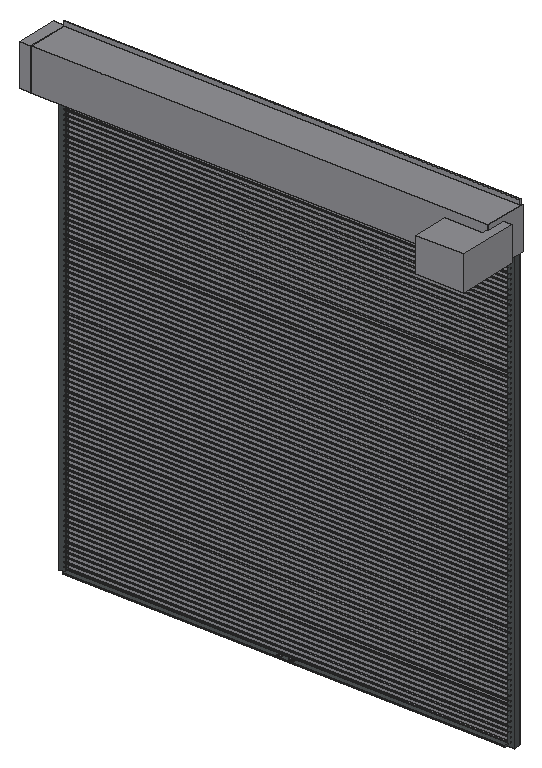
Revit family "Doors_Fire-Doors-Shutters_Overhead-Door-Corporation_Fire-Rated-Counter-Doors-640_", category Specialty Equipment, host Wall, Revit 2019
Family settings
  Host = Wall
  Round Connector Dimension = Use Diameter
  Part Type = Normal
  OmniClass Number = 23.30.10.21.34
  OmniClass Title = Industrial Doors
  Always vertical = Yes
  Cut with Voids When Loaded = Yes
  Shared = No
  Room Calculation Point = No
Parameters (values of type "115 volts, one phase, 60 Hz (110-120V range)")
  Jamb Offset 2 [instance] = if(Between Jambs Mounting, Guide Width 2, 0")  # 0"
  Jamb Offset 1 [instance] = if(Between Jambs Mounting, Guide Width 1, 0")  # 0"
  Hood Width [instance] = if(or(Opening Height < 60", Opening Height = 60"), 9 1/2", 11 1/2")  # 11 1/2"
  Hood Height [instance] = if(or(Opening Height < 60", Opening Height = 60"), 9 1/2", 11 1/2")  # 11 1/2"
  Headroom Height Real [instance] = Hood Height + Hood Offset  # 13 1/2"
  Guide Width 2 [instance] = if(Between Jambs Mounting, 1 15/16", 1 15/16" + 15/16")  # 2 7/8"
  Guide Width 1 [instance] = if(Between Jambs Mounting, if(or(Crank, CDX), 5 5/8", 1 15/16"), 1 15/16" + 15/16")  # 2 7/8"
  Door Width True [instance] = if(Between Jambs Mounting, Clear Width + Guide Width 1 + Guide Width 2, Clear Width)  # 120"
  Wall Thickness [instance] = 6"
  Voltage = 115 V
  True Opening Width [instance] = if(Between Jambs Mounting, Door Width True, Clear Width)  # 120"
  True Opening Height [instance] = if(Between Jambs Mounting, Clear Height + Headroom Height, Clear Height)  # 120"
  Slat Material [instance] = Galvanized Steel - Overhead Door - Gray
  Slat Length [instance] = if(Face Of Wall Mounting, Clear Width + 15" / 16 * 2, Clear Width)  # 121 7/8"
  Slat Height [instance] = 9"  # constant formula
  Product Page URL = "https://www.overheaddoor.com/fire-rated-counter-doors-640"
  Power Factor = 1
  Powder Coat (Note) = "PowderGuard® Premium powder coat finish options are available in approximately 200 colors as well as custom matching to specification."  # constant formula
  Opening Width Real [instance] = if(Opening Width > Max Opening Width, Max Opening Width, if(Opening Width < Min Opening Width, Min Opening Width, Opening Width))  # 120"
  Opening Width [instance] = 120"
  Opening Offset [instance] = if(Between Jambs Mounting, Headroom Height, 0")  # 0"
  Opening Height Real [instance] = if(Opening Height > Max Opening Height, Max Opening Height, if(Opening Height < Min Opening Height, Min Opening Height, Opening Height))  # 120"
  Opening Height [instance] = 120"
  Number of Poles = 1
  Min Opening Width [instance] = 40"  # constant formula
  Min Opening Height [instance] = 40"  # constant formula
  Max Opening Width [instance] = if(Face Of Wall Mounting, 168", 155")  # 168"
  Max Opening Height [instance] = if(Face Of Wall Mounting, 120", 134")  # 120"
  Manual = no
  Installation Real [instance] = if(Between Jambs Mounting, Installation Limits, Wall Thickness)  # 6"
  Installation Offset [instance] = 0"
  Installation Limits [instance] = if(Installation Offset < 0", 0", if(Installation Offset > Wall Thickness - Guide Depth, Wall Thickness - Guide Depth, Installation Offset))  # 0"
  Hood Offset [instance] = 2"  # constant formula
  Hood Material [instance] = Metal - Overhead Door - Gray
  Door Height True [instance] = Clear Width + Headroom Height  # 134 3/4"
  Headroom Height [instance] = if(Between Jambs Mounting, Headroom Height Real, Headroom Height Real + 1 1/4")  # 14 3/4"
  Guide Type [instance] = if(Between Jambs Mounting, "Between Jambs Rolled Steel", "Face of Wall Rolled Steel")  # "Face of Wall Rolled Steel"
  Guide Depth [instance] = 2"  # constant formula
  Frequency = 60 Hz
  Face Of Wall Mounting [instance] = not(Between Jambs Mounting)  # yes
  Door Width (Real) [instance] = if(Between Jambs Mounting, Clear Width, Clear Width + 15/16" * 2)  # 121 7/8"
  Door Height (Real) [instance] = Clear Height + Hood Offset  # 122"
  URL = "https://www.overheaddoor.com/"
  Product data url = "https://www.bimobject.com/overhead-door/product/fire-rated-counter-doors-640"
  Product Guid = "10cdb7a8-96df-458e-b49c-e81d6a5066b3"
  Model = "640"  # constant formula
  Manufacturer = "Overhead Door Corporation"  # constant formula
  Wall Closure = By host
  Floor To (CL) of Shaft [instance] = Clear Height + Hood Height / 2 + Hood Offset + Default Elevation Height + Countertop Thickness Real  # 163 3/4"
  Finish Material = Finish - Overhead Door - Black
  Description = "Model 640 Fire Rated Rolling Counter Door"  # constant formula
  Default Elevation Height (Real) [instance] = if(Default Elevation Height < 0", 0", Default Elevation Height)  # 36"
  Default Elevation Height [instance] = 36"
  Crank = no
  Countertop Thickness [instance] = 0"
  Countertop Thickness Real [instance] = if(Countertop Thickness < 0", 0", if(Countertop Thickness > 12", 12", Countertop Thickness))  # 0"
  Current = 20 A
  Clear Width [instance] = if(Between Jambs Mounting, Opening Width Real - Guide Width 2 - Guide Width 1, Opening Width Real)  # 120"
  Clear Height [instance] = if(Between Jambs Mounting, Opening Height Real - Headroom Height, Opening Height Real)  # 120"
  CDX = yes
  Between Jambs Mounting [instance] = no
  Backroom Depth [instance] = Hood Width  # 11 1/2"
  Array Length [instance] = Array Count * Slat Height  # 126"
  Array Count [instance] = rounddown(([Door Height (Real)] - 247/256") / Slat Height) + 1  # 14
  Apparent Load Phase 3 = if(Number of Poles = 1, 0 VA, (Voltage * Current * sqrt(3)) / 3)  # 0 VA
  Apparent Load Phase 2 = if(Number of Poles = 1, 0 VA, (Voltage * Current * sqrt(3)) / 3)  # 0 VA
  Apparent Load Phase 1 = if(Number of Poles = 1, Voltage * Current, (Voltage * Current * sqrt(3)) / 3)  # 2300 VA
Types (9): name | Voltage | Number of Poles | Manual | Frequency | Crank | Current | CDX | Apparent Load Phase 3 | Apparent Load Phase 2 | Apparent Load Phase 1
  115 volts, one phase, 60 Hz (110-120V range) | 115 V | 1 | no | 60 Hz | no | 20 A | yes | 0 VA | 0 VA | 2300 VA
  208 volts, one phase, 60 Hz (190-207V range) | 208 V | 1 | no | 60 Hz | no | 20 A | yes | 0 VA | 0 VA | 4160 VA
  208 volts, three phase, 60 Hz (190-207 V range) | 208 V | 3 | no | 60 Hz | no | 20 A | yes | 2401.78 VA | 2401.78 VA | 2401.78 VA
  230 volts, one phase, 60 Hz (208-245V range) | 230 V | 1 | no | 60 Hz | no | 20 A | yes | 0 VA | 0 VA | 4600 VA
  230 volts, three phase, 60 Hz (208-245 V range) | 230 V | 3 | no | 60 Hz | no | 20 A | yes | 2655.81 VA | 2655.81 VA | 2655.81 VA
  460 volts, three phase, 60 Hz (456-495 V range) | 460 V | 3 | no | 60 Hz | no | 20 A | yes | 5311.62 VA | 5311.62 VA | 5311.62 VA
  575 volts, three phase, 60 Hz | 575 V | 3 | no | 60 Hz | no | 20 A | yes | 6639.53 VA | 6639.53 VA | 6639.53 VA
  Manual push-up | 0 V | 1 | yes | 0 Hz | no | 0 A | no | 0 VA | 0 VA | 0 VA
  Manual crank | 0 V | 1 | no | 0 Hz | yes | 0 A | no | 0 VA | 0 VA | 0 VA
Reference planes (in)
  plane 1 "Center (Front/Back)": y = -5
  plane 2 "Center (Left/Right)": x = 0
  plane 3 "Exterior": y = 1
  plane 4 "Interior": y = -5
  plane 5: x = 60
  plane 6: x = -60
  plane 7: z = 156
  plane 8 "Main": y = -6.875
  plane 9: y = -16.5
  plane 10 "Main Door Block": y = -5
  plane 11 "Bottom Bar": z = 36.96507
  plane 12: z = 162.96507
  plane 13: z = 169.5
  plane 14: x = 62.875
  plane 15: z = 170.75
  plane 16: x = -62.875
  plane 17: z = 0
  plane 18: z = 36
  plane 19: z = 36
  plane 20: z = 163.75
  plane 21: z = 158
Forms (in)
  Extrusion 1, void
    sketch origin (0, -5, 48) x (0, 0, -1) y (-1, 0, 0)
      loop
        line (-108, 60) -> (-108, -60) -> (12, -60) -> (12, 60) -> (-108, 60)
    from 0 to 6
Lines and regions (in)
  model lines, not visible
    curve 1: line (57.594, -5, 170.43391) -> (57.594, -5, 162.60938)
Text (in)
  text "Exterior" at (-74.96733, 27.31104, 0), in view "Ref. Level"
  text "Interior" at (-74.96733, -25.14366, 0), in view "Ref. Level"
  text "Exterior" at (0, 40.15149, 123.01588), in view "Right"
  text "Interior" at (0, -64.39139, 123.01588), in view "Right"
  text "Interior" at (0, -31.01599, 123.00693), in view "Left"
  text "Exterior" at (0, 54.57065, 123.00693), in view "Left"
Dimensions and locks (in)
  level to host wall = 459.59655"
  plane 5 to plane 6 = 120"
  "Clear Width": plane 5 to plane 6
  equal spacing: group 1, group 3, group 4, group 5, group 6, group 7, group 8, group 9, group 10, group 11, group 12, group 13, group 14, group 2  (x3)
  "Array Length": plane 12 to plane 11 "Bottom Bar"
  "Backroom Depth": plane 9 to plane 10 "Main Door Block"
  plane 15 to plane 7 = 14 3/4"
  locked: plane 15 to plane 13 at 1.25
  "Installation Real": plane 1 "Center (Front/Back)" to plane 3 "Exterior"
  "Wall Thickness": host wall to host wall
  "Default Elevation Height (Real)": plane 18 to plane 17
  "Countertop Thickness Real": plane 19 to plane 18
  locked: plane 11 "Bottom Bar" to plane 19 at 0.96507
  "Clear Height": plane 7 to plane 19
  "Floor To (CL) of Shaft": plane 20 to level
  "Opening Offset": Extrusion 1 sketch curve to plane 7
  locked: plane 8 "Main" to plane 1 "Center (Front/Back)" at 1.875
  "Headroom Height": plane 15 to plane 7
  equal spacing: plane 5, plane 2 "Center (Left/Right)", plane 6
  "Jamb Offset 2": plane 6 to Extrusion 1 sketch curve
  "Jamb Offset 1": Extrusion 1 sketch curve to plane 5
  "Guide Width 1": plane 14 to plane 5
  "Guide Width 2": plane 6 to plane 16
  "Hood Offset": plane 21 to plane 7
  aligned and locked: plane 3 "Exterior" to host wall
  aligned and locked: host wall to plane 4 "Interior"
  aligned and locked: Extrusion 1 to plane 3 "Exterior"
  aligned and locked: Extrusion 1 to plane 4 "Interior"
  aligned and locked: nested 1 to plane 8 "Main"
  aligned and locked: nested 2 to plane 8 "Main"
  aligned and locked: plane 11 "Bottom Bar" to nested 1
  aligned and locked: plane 10 "Main Door Block" to plane 1 "Center (Front/Back)"
  aligned and locked: level to plane 17
  aligned and locked: plane 12 to nested 2
  aligned and locked: nested 5 to plane 19
  aligned and locked: plane 1 "Center (Front/Back)" to nested 5
  aligned and locked: nested 5 to plane 2 "Center (Left/Right)"
  aligned and locked: plane 2 "Center (Left/Right)" to nested 1
  aligned and locked: plane 2 "Center (Left/Right)" to nested 2
  aligned and locked: Extrusion 1 sketch curve to plane 18
Automatic sketch dimensions
  curve 1 to plane 12 = 0.3557"
  curve 1 to plane 15 = 0.31609"
  curve 1 to plane 5 = 2.406"
Nested families (in)
  nested 1: "Slat" at (0, -6.875, 36.96507), type "Slat"
    with Opening Width 121 7/8"
  nested 2: "Slat" at (0, -6.875, 153.96407), type "Slat"
    with Opening Width 121 7/8"
  nested 3: "Slat" at (0, -6.875, 45.965), type "Slat"
    with Opening Width 121 7/8"
  nested 4: "Slat" at (0, -6.875, 54.96492), type "Slat"
    with Opening Width 121 7/8"
  nested 5: "Lifts" at (0, -5, 36) x (-1, 0, 0) z (0, 0, 1), type "Frame Unit"
    with Floor To (CL) of Shaft 127 3/4", Opening Width 120", Opening Height 120"
  nested 6: "Slat" at (0, -6.875, 63.96484), type "Slat"
    with Opening Width 121 7/8"
  nested 7: "Slat" at (0, -6.875, 72.96477), type "Slat"
    with Opening Width 121 7/8"
  nested 8: "Slat" at (0, -6.875, 81.96469), type "Slat"
    with Opening Width 121 7/8"
  nested 9: "Slat" at (0, -6.875, 90.96461), type "Slat"
    with Opening Width 121 7/8"
  nested 10: "Slat" at (0, -6.875, 99.96453), type "Slat"
    with Opening Width 121 7/8"
  nested 11: "Slat" at (0, -6.875, 108.96446), type "Slat"
    with Opening Width 121 7/8"
  nested 12: "Slat" at (0, -6.875, 117.96438), type "Slat"
    with Opening Width 121 7/8"
  nested 13: "Slat" at (0, -6.875, 126.9643), type "Slat"
    with Opening Width 121 7/8"
  nested 14: "Slat" at (0, -6.875, 135.96423), type "Slat"
    with Opening Width 121 7/8"
  nested 15: "Slat" at (0, -6.875, 144.96415), type "Slat"
    with Opening Width 121 7/8"
Connectors (in)
  electrical at (65.875, -23.5, 163.75), driven by "Voltage", driven by "Apparent Load Phase 1", driven by "Apparent Load Phase 2", driven by "Apparent Load Phase 3", driven by "Power Factor", driven by "Number of Poles"
    settings: on nested 5, index 1, voltage 115 V, apparent load 0 VA, apparent load phase1 2300 VA, apparent load phase2 0 VA, apparent load phase3 0 VA, power factor 1, load classification "Other", number of poles 1, system type 31, power factor state 1, is connector primary yes, connector utility no, sub classification motor no, connector description "Electrical Connector"
Definition of nested family "Slat"
  Parameters (values of type "Slat")
    Slat Width = 1/2"  # constant formula
    Slat Position = 9.001"  # constant formula
    Panel Material = none
    Opening Width = 101 7/8"
    Offset = 3/4"  # constant formula
    Default Elevation = 48"
    Between Jambs = no
  Reference planes (in)
    plane 1 "Center (Front/Back)": y = 0
    plane 2: z = 0
    plane 3 "Center (Left/Right)": x = 0
    plane 4: x = -50.9375
    plane 5: x = 50.9375
    plane 6: y = 0.5
    plane 7: y = 0
    plane 8: z = 0
    plane 9: z = 9.001
    plane 10: y = 0.25
    plane 11: x = 51.6875
    plane 12: x = -51.6875
  Forms (in)
    Extrusion 1, solid, material <- "Panel Material"
      sketch origin (0, -4.98186, 10.29093) x (0, 1, 0) y (0, 0, 1)
        loop
          arc (5.40206, -10.396) -> (5.45863, -10.37257) -> (5.48206, -10.316) r 0.08
          line (5.48206, -10.316) -> (5.48206, -9.18561)
          arc (5.48206, -9.18561) -> (5.45863, -9.12904) -> (5.40206, -9.106) r 0.08
          arc (5.40206, -9.106) -> (5.45863, -9.08257) -> (5.48206, -9.026) r 0.08
          line (5.48206, -9.026) -> (5.48206, -7.89561)
          arc (5.48206, -7.89561) -> (5.45863, -7.83904) -> (5.40206, -7.816) r 0.08
          arc (5.40206, -7.816) -> (5.45863, -7.79257) -> (5.48206, -7.736) r 0.08
          line (5.48206, -7.736) -> (5.48206, -6.60561)
          arc (5.48206, -6.60561) -> (5.45863, -6.54904) -> (5.40206, -6.526) r 0.08
          arc (5.40206, -6.526) -> (5.45863, -6.50257) -> (5.48206, -6.446) r 0.08
          line (5.48206, -6.446) -> (5.48206, -5.31561)
          arc (5.48206, -5.31561) -> (5.45863, -5.25904) -> (5.40206, -5.236) r 0.08
          arc (5.40206, -5.236) -> (5.45863, -5.21257) -> (5.48206, -5.156) r 0.08
          line (5.48206, -5.156) -> (5.48206, -4.02561)
          arc (5.48206, -4.02561) -> (5.45863, -3.96904) -> (5.40206, -3.946) r 0.08
          arc (5.40206, -3.946) -> (5.45863, -3.92257) -> (5.48206, -3.866) r 0.08
          line (5.48206, -3.866) -> (5.48206, -2.73561)
          arc (5.48206, -2.73561) -> (5.45863, -2.67904) -> (5.40206, -2.656) r 0.08
          arc (5.40206, -2.656) -> (5.45863, -2.63257) -> (5.48206, -2.576) r 0.08
          line (5.48206, -2.576) -> (5.48206, -1.44561)
          arc (5.48206, -1.44561) -> (5.45863, -1.38904) -> (5.40206, -1.36561) r 0.08
          line (5.40206, -1.36561) -> (5.22957, -1.36561)
          arc (5.22957, -1.36561) -> (5.06019, -1.15714) -> (5.06874, -1.42561) r 0.14173
          line (5.06874, -1.42561) -> (5.38651, -1.42561)
          arc (5.38651, -1.42561) -> (5.41164, -1.43602) -> (5.42206, -1.46116) r 0.03555
          line (5.42206, -1.46116) -> (5.422, -2.57602)
          arc (5.422, -2.57602) -> (5.41615, -2.59014) -> (5.40203, -2.59599) r 0.01997
          line (5.40203, -2.59599) -> (5.18957, -2.59599)
          arc (5.18957, -2.59599) -> (4.99384, -2.57039) -> (5.12755, -2.7156) r 0.105
          line (5.12755, -2.7156) -> (5.40206, -2.7156)
          arc (5.40206, -2.7156) -> (5.4162, -2.72146) -> (5.42206, -2.7356) r 0.02
          line (5.42206, -2.7356) -> (5.42206, -3.866)
          arc (5.42206, -3.866) -> (5.4162, -3.88014) -> (5.40206, -3.886) r 0.02
          line (5.40206, -3.886) -> (5.18957, -3.886)
          arc (5.18957, -3.886) -> (4.99384, -3.8604) -> (5.12755, -4.00561) r 0.105
          line (5.12755, -4.00561) -> (5.40206, -4.00561)
          arc (5.40206, -4.00561) -> (5.4162, -4.01146) -> (5.42206, -4.02561) r 0.02
          line (5.42206, -4.02561) -> (5.42206, -5.156)
          arc (5.42206, -5.156) -> (5.4162, -5.17014) -> (5.40206, -5.176) r 0.02
          line (5.40206, -5.176) -> (5.18957, -5.176)
          arc (5.18957, -5.176) -> (4.99384, -5.1504) -> (5.12755, -5.29561) r 0.105
          line (5.12755, -5.29561) -> (5.40206, -5.29561)
          arc (5.40206, -5.29561) -> (5.4162, -5.30146) -> (5.42206, -5.31561) r 0.02
          line (5.42206, -5.31561) -> (5.42206, -6.446)
          arc (5.42206, -6.446) -> (5.4162, -6.46014) -> (5.40206, -6.466) r 0.02
          line (5.40206, -6.466) -> (5.18957, -6.466)
          arc (5.18957, -6.466) -> (4.99384, -6.4404) -> (5.12755, -6.58561) r 0.105
          line (5.12755, -6.58561) -> (5.40206, -6.58561)
          arc (5.40206, -6.58561) -> (5.4162, -6.59146) -> (5.42206, -6.60561) r 0.02
          line (5.42206, -6.60561) -> (5.42206, -7.736)
          arc (5.42206, -7.736) -> (5.4162, -7.75014) -> (5.40206, -7.756) r 0.02
          line (5.40206, -7.756) -> (5.18957, -7.756)
          arc (5.18957, -7.756) -> (4.99384, -7.7304) -> (5.12755, -7.87561) r 0.105
          line (5.12755, -7.87561) -> (5.40206, -7.87561)
          arc (5.40206, -7.87561) -> (5.4162, -7.88146) -> (5.42206, -7.89561) r 0.02
          line (5.42206, -7.89561) -> (5.42206, -9.026)
          arc (5.42206, -9.026) -> (5.4162, -9.04014) -> (5.40206, -9.046) r 0.02
          line (5.40206, -9.046) -> (5.18957, -9.046)
          arc (5.18957, -9.046) -> (4.99384, -9.0204) -> (5.12755, -9.16561) r 0.105
          line (5.12755, -9.16561) -> (5.40206, -9.16561)
          arc (5.40206, -9.16561) -> (5.4162, -9.17146) -> (5.42206, -9.18561) r 0.02
          line (5.42206, -9.18561) -> (5.42206, -10.316)
          arc (5.42206, -10.316) -> (5.4162, -10.33014) -> (5.40206, -10.336) r 0.02
          line (5.40206, -10.336) -> (5.18173, -10.336)
          arc (5.18173, -10.336) -> (5.03073, -10.20226) -> (5.08686, -10.396) r 0.105
          line (5.08686, -10.396) -> (5.40206, -10.396)
      from -51.6875 to 51.6875
  Lines and regions (in)
    reference lines
      curve 1: line (0, -4.98186, 9.001) -> (0, 9.9577, 9.001)
  Dimensions and locks (in)
    equal spacing: plane 4, plane 3 "Center (Left/Right)", plane 5
    "Opening Width": plane 4 to plane 5
    "Slat Width": plane 1 "Center (Front/Back)" to plane 6
    "Slat Position": plane 9 to level
    equal spacing: plane 1 "Center (Front/Back)", plane 10, plane 6
    "Offset": plane 4 to plane 12
    "Offset": plane 11 to plane 5
    aligned and locked: plane 2 to level
    aligned and locked: plane 1 "Center (Front/Back)" to plane 7
    aligned and locked: level to plane 8
    aligned and locked: curve 1 to plane 9
    aligned and locked: Extrusion 1 to plane 11
    aligned and locked: Extrusion 1 to plane 12
  Automatic sketch dimensions
    plane 1 "Center (Front/Back)" to curve 1 = 4.98186"
    curve 1 to plane 6 = 9.4577"
    Extrusion 1 sketch curve to Extrusion 1 sketch curve = 0"  (x45)
    curve 1 to Extrusion 1 sketch curve = 0.13567"
    curve 1 to Extrusion 1 sketch curve = 5.06874"
    Extrusion 1 sketch curve to Extrusion 1 sketch curve = 0.01832"
    Extrusion 1 sketch curve to Extrusion 1 sketch curve = 0.0002"
    curve 1 to Extrusion 1 sketch curve = 0"
    Extrusion 1 sketch curve to Extrusion 1 sketch curve = 0.04099"
    Extrusion 1 sketch curve to Extrusion 1 sketch curve = 0.04049"  (x6)
    Extrusion 1 sketch curve to Extrusion 1 sketch curve = 0.09487"
    Extrusion 1 sketch curve to Extrusion 1 sketch curve = 0.10251"  (x6)
    curve 1 to Extrusion 1 sketch curve = 0.07567"
    Extrusion 1 sketch curve to Extrusion 1 sketch curve = 0.15694"
    Extrusion 1 sketch curve to Extrusion 1 sketch curve = 0.21246"
    Extrusion 1 sketch curve to Extrusion 1 sketch curve = 0.00003"  (x2)
    Extrusion 1 sketch curve to Extrusion 1 sketch curve = 0.21249"  (x5)
    Extrusion 1 sketch curve to Extrusion 1 sketch curve = 0.01555"
    Extrusion 1 sketch curve to Extrusion 1 sketch curve = 0.22033"
    Extrusion 1 sketch curve to Extrusion 1 sketch curve = 0.02"  (x6)
    Extrusion 1 sketch curve to Extrusion 1 sketch curve = 0.06"  (x7)
    Extrusion 1 sketch curve to Extrusion 1 sketch curve = 0.001"
    Extrusion 1 sketch curve to Extrusion 1 sketch curve = 0.02274"
    Extrusion 1 sketch curve to Extrusion 1 sketch curve = 1.1304"
    Extrusion 1 sketch curve to Extrusion 1 sketch curve = 0.02273"  (x5)
    Extrusion 1 sketch curve to Extrusion 1 sketch curve = 1.13039"  (x4)
    Extrusion 1 sketch curve to Extrusion 1 sketch curve = 1.12539"
    Extrusion 1 sketch curve to Extrusion 1 sketch curve = 1.11384"
    Extrusion 1 sketch curve to Extrusion 1 sketch curve = 0.01997"
    Extrusion 1 sketch curve to Extrusion 1 sketch curve = 0.06006"
    Extrusion 1 sketch curve to Extrusion 1 sketch curve = 0.3352"
Definition of nested family "Lifts"
  Parameters (values of type "Frame Unit")
    Setback = if(Between Jambs, 0", 0.938")  # 0.938"
    Rough Width = 0"
    Rough Height = 0"
    Opening Width = 100"
    Manual + Crank = if(or(Manual, Crank), 1 = 1, 1 = 2)  # no
    Manual = no
    Hood Offset = 2"
    Hood Material = none
    Hood Height = 11 1/2"
    Headplate Tension Side Offset = if(Face to Wall Mount, 5 7/8", 1.938")  # 5 7/8"
    Headplate Tension Side = if(Between Jambs, 1/4", 2.999")  # 2.999"
    Headplate Drive Side Offset = if(Face to Wall Mount, if([Manual + Crank], 5 7/8", 3.323"), if(CDX, 2.938" + 0.135", if(Crank, 5 5/8", 1.938")))  # 3.323"
    Headplate Drive Side = if(CDX, if(Between Jambs, 2.323", 1/4"), if(Crank, 5 3/8", if(Between Jambs, 1/4", 2.999")))  # 1/4"
    Header Width = 11 1/2"
    Opening Height = 100"
    Guide Width 2 = 1.938"  # constant formula
    Guide Width 1 = if(Between Jambs, if(Manual, 1.938", 5 5/8"), 1.938")  # 1.938"
    Floor To (CL) of Shaft [instance] = Opening Height + (Hood Height) / 2 + Hood Offset  # 107 3/4"
    Finish Material = none
    Face to Wall Mount = not(Between Jambs)  # yes
    Electrical Connector = no
    Drive Side Front Offset = if(Crank, 9", 0")  # 0"
    Dop Offset for Headplate = 0"  # constant formula
    Default Elevation = 48"
    Crank = no
    Connector W Position = if(CDX, -2.552", 0")  # -2.552"
    Conncetor H Position = if(CDX, Header Width + 7", Header Width / 2)  # 18 1/2"
    CDX = yes
    Bottom Bar Offset = if(Between Jambs, 3/4", 3/4" + 0.938")  # 1.688"
    Between Jambs = no
    Bar Offset = if(CDX, 0.197", 0")  # 0.197"
    Bar = Face to Wall Mount  # yes
    BJ Position = 0"  # constant formula
    Analytic Construction = "<None>"
  Reference planes (in)
    plane 1 "Center (Front/Back)": y = 0
    plane 2: z = 0
    plane 3 "Center (Left/Right)": x = 0
    plane 4 "Opening Height": z = 100
    plane 5: z = 113.5
    plane 6: y = 11.5
    plane 7 "Real Opening 2": x = -50
    plane 8 "Real Opening 1": x = 50
    plane 9: z = 102
    plane 10 "Main": y = 0
    plane 11: z = 107.75
    plane 12: x = 55.875
    plane 13: x = -53.323
    plane 14: x = 55.875
    plane 15: x = -50
    plane 16: x = 52.876
    plane 17: x = -53.073
    plane 18: z = 114.75
    plane 19: x = -52.876
  Forms (in)
    Extrusion 1, solid, material <- "Hood Material"
      sketch origin (0, 0, 0) x (0, 1, 0) y (0, 0, 1)
        loop
          line (0, 102) -> (11.5, 102) -> (11.5, 113.5) -> (0, 113.5) -> (0, 102)
      from -53.073 to 52.876
    Extrusion 2, solid, material <- "Finish Material"
      sketch origin (0, 0, 0) x (1, 0, 0) y (0, 1, 0)
        loop
          line (50.938, 2) -> (50.938, 1.875) -> (51.688, 1.875) -> (51.688, 1.375) -> (51.188, 1.375)
          arc (51.188, 1.375) -> (51.01122, 1.30178) -> (50.938, 1.125) r 0.25
          line (50.938, 1.125) -> (50.938, 0.25)
          arc (50.938, 0.25) -> (51.01122, 0.07322) -> (51.188, 0) r 0.25
          line (51.188, 0) -> (52.626, 0)
          arc (52.626, 0) -> (52.80278, 0.07322) -> (52.876, 0.25) r 0.25
          line (52.876, 0.25) -> (52.876, 2) -> (50.938, 2)
        loop
          line (-50.938, 2) -> (-52.876, 2) -> (-52.876, 0.25)
          arc (-52.876, 0.25) -> (-52.80278, 0.07322) -> (-52.626, 0) r 0.25
          line (-52.626, 0) -> (-51.188, 0)
          arc (-51.188, 0) -> (-51.01122, 0.07322) -> (-50.938, 0.25) r 0.25
          line (-50.938, 0.25) -> (-50.938, 1.125)
          arc (-50.938, 1.125) -> (-51.01122, 1.30178) -> (-51.188, 1.375) r 0.25
          line (-51.188, 1.375) -> (-51.688, 1.375) -> (-51.688, 1.875) -> (-50.938, 1.875) -> (-50.938, 2)
      from 0 to 113.5
    Extrusion 3, solid, material <- "Hood Material"
      sketch origin (0, 0, 0) x (1, 0, 0) y (0, 1, 0)
        loop
          line (52.876, 0) -> (55.875, 0) -> (55.875, 11.5) -> (52.876, 11.5) -> (52.876, 0)
        loop
          line (-53.323, 0) -> (-53.073, 0) -> (-53.073, 11.5) -> (-53.323, 11.5) -> (-53.323, 0)
      from 102 to 113.5
    Extrusion 4, void
      sketch origin (0, 0, 0) x (1, 0, 0) y (0, 0, 1)
        loop
          line (-51.688, 2.5) -> (-51.688, 0) -> (-50.938, 0) -> (-50.938, 2.5) -> (-51.688, 2.5)
        loop
          line (51.688, 2.5) -> (50.938, 2.5) -> (50.938, 0) -> (51.688, 0) -> (51.688, 2.5)
      from -10 to 0
    Extrusion 5, solid
      sketch origin (0, 1.625, -2.69619) x (0, 0, 1) y (1, 0, 0)
        loop
          line (3.03994, -2.25) -> (3.16494, -2.25) -> (3.16494, -1.1875)
          arc (3.16494, -1.1875) -> (3.18325, -1.14331) -> (3.22744, -1.125) r 0.0625
          line (3.22744, -1.125) -> (3.66494, -1.125)
          arc (3.66494, -1.125) -> (3.75333, -1.08839) -> (3.78994, -1) r 0.125
          line (3.78994, -1) -> (3.78994, 1)
          arc (3.78994, 1) -> (3.75333, 1.08839) -> (3.66494, 1.125) r 0.125
          line (3.66494, 1.125) -> (3.22744, 1.125)
          arc (3.22744, 1.125) -> (3.18325, 1.14331) -> (3.16494, 1.1875) r 0.0625
          line (3.16494, 1.1875) -> (3.16494, 2.25) -> (3.03994, 2.25) -> (3.03994, 1.125)
          arc (3.03994, 1.125) -> (3.07655, 1.03661) -> (3.16494, 1) r 0.125
          line (3.16494, 1) -> (3.60244, 1)
          arc (3.60244, 1) -> (3.64663, 0.98169) -> (3.66494, 0.9375) r 0.0625
          line (3.66494, 0.9375) -> (3.66494, -0.9375)
          arc (3.66494, -0.9375) -> (3.64663, -0.98169) -> (3.60244, -1) r 0.0625
          line (3.60244, -1) -> (3.16494, -1)
          arc (3.16494, -1) -> (3.07655, -1.03661) -> (3.03994, -1.125) r 0.125
          line (3.03994, -1.125) -> (3.03994, -2.25)
      from 0.47525 to 0.87525
    Extrusion 6, solid, material <- "Finish Material"
      sketch origin (0, 1.625, -2.69619) x (0, 0, 1) y (0, -1, 0)
        loop
          line (4.78994, 0.25) -> (4.78994, 0.4) -> (3.13994, 0.4)
          arc (3.13994, 0.4) -> (2.96316, 0.32678) -> (2.88994, 0.15) r 0.25
          line (2.88994, 0.15) -> (2.88994, -0.1) -> (2.69619, -0.1) -> (2.69619, -1.2505) -> (2.88994, -1.2505) -> (2.88994, -1.5005) -> (3.03994, -1.5005) -> (3.03994, 0.125)
          arc (3.03994, 0.125) -> (3.07655, 0.21339) -> (3.16494, 0.25) r 0.125
          line (3.16494, 0.25) -> (4.78994, 0.25)
      from -51.688 to 51.688
    Extrusion 7, solid, material <- "Hood Material", visible <- "Bar"
      sketch origin (0, 0, 0) x (0, 1, 0) y (0, 0, 1)
        loop
          line (0, 114.75) -> (0, 113.5) -> (0.25, 113.5) -> (0.25, 114.75) -> (0, 114.75)
      from -52.876 to 52.876
    Extrusion 8, solid, material <- "Hood Material", visible <- "CDX"
      sketch origin (0, -9.86213, 107.75) x (0, -1, 0) y (1, 0, 0)
        loop
          line (-33.36213, -42.74982) -> (-33.36213, -55.87482) -> (-16.66213, -55.87482) -> (-16.66213, -53.323) -> (-23.36213, -53.323) -> (-23.36213, -42.74982) -> (-33.36213, -42.74982)
      from -4.75 to 4.75
    Extrusion 9, void
      sketch origin (0, 0, 0) x (1, 0, 0) y (0, 1, 0)
        loop
          line (-53.323, 0) -> (-50, 0) -> (-50, 11.5) -> (-53.323, 11.5) -> (-53.323, 0)
        loop
          line (55.875, 0) -> (55.875, 11.5) -> (50, 11.5) -> (50, 0) -> (55.875, 0)
      from 102 to 113.5
    Extrusion 10, solid, visible <- "Electrical Connector"
      sketch origin (-53.323, -8.72552, 1000) x (0, -1, 0) y (0, 0, -1)
        loop
          circle (-27.22552, 892.25) r 1
      from -2.552 <- "Connector W Position" to 0.25
  Cuts and joins
    Extrusion 4 cuts Extrusion 6
    Extrusion 9 cuts Extrusion 2
  Lines and regions (in)
    Masking region 1
      outline origin (0, 0, 100) x (-1, 0, 0) y (0, -1, 0)
        loop
          line (-52.876, -11.5) -> (53.073, -11.5) -> (53.073, 0) -> (-52.876, 0) -> (-52.876, -11.5)
    Masking region 2, visible <- "CDX"
      outline origin (0, 0, 0) x (1, 0, 0) y (0, 1, 0)
        loop
          line (-55.87482, 23.5) -> (-55.87482, 6.8) -> (-53.323, 6.8) -> (-53.323, 13.5) -> (-42.74982, 13.5) -> (-42.74982, 23.5) -> (-55.87482, 23.5)
    Masking region 3
      outline origin (0, 0, 0) x (1, 0, 0) y (0, 1, 0)
        loop
          line (-50.938, 2) -> (-52.876, 2) -> (-52.876, 0.25)
          arc (-52.876, 0.25) -> (-52.80278, 0.07322) -> (-52.626, 0) r 0.25
          line (-52.626, 0) -> (-51.188, 0)
          arc (-51.188, 0) -> (-51.01122, 0.07322) -> (-50.938, 0.25) r 0.25
          line (-50.938, 0.25) -> (-50.938, 1.125)
          arc (-50.938, 1.125) -> (-51.01122, 1.30178) -> (-51.188, 1.375) r 0.25
          line (-51.188, 1.375) -> (-51.688, 1.375) -> (-51.688, 1.875) -> (-50.938, 1.875) -> (-50.938, 2)
        loop
          arc (51.188, 1.375) -> (51.01122, 1.30178) -> (50.938, 1.125) r 0.25
          line (50.938, 1.125) -> (50.938, 0.25)
          arc (50.938, 0.25) -> (51.01122, 0.07322) -> (51.188, 0) r 0.25
          line (51.188, 0) -> (52.626, 0)
          arc (52.626, 0) -> (52.80278, 0.07322) -> (52.876, 0.25) r 0.25
          line (52.876, 0.25) -> (52.876, 2) -> (50.938, 2) -> (50.938, 1.875) -> (51.688, 1.875) -> (51.688, 1.375) -> (51.188, 1.375)
    Masking region 4
      outline origin (0, 0, 0) x (1, 0, 0) y (0, 1, 0)
        loop
          line (-53.323, 11.5) -> (-53.323, 0) -> (-53.073, 0) -> (-53.073, 11.5) -> (-53.323, 11.5)
        loop
          line (55.875, 0) -> (55.875, 11.5) -> (52.876, 11.5) -> (52.876, 0) -> (55.875, 0)
    reference lines
      curve 1: line (0, 1.625, -2.69619) -> (0, 1.625, 5.30381)
    symbolic lines, visible <- "Bar"
      curve 2: line (52.876, 0.25, 0) -> (-52.876, 0.25, 0)
  Dimensions and locks (in)
    "Hood Offset": Extrusion 1 sketch curve to plane 4 "Opening Height"
    "Opening Height": plane 4 "Opening Height" to level
    "Hood Offset": plane 9 to plane 4 "Opening Height"
    "BJ Position": plane 10 "Main" to plane 1 "Center (Front/Back)"
    "Header Width": plane 10 "Main" to plane 6
    "Floor To (CL) of Shaft": plane 11 to level
    "Headplate Tension Side Offset": plane 8 "Real Opening 1" to plane 12
    "Headplate Drive Side Offset": plane 13 to plane 7 "Real Opening 2"
    "Guide Width 2": Extrusion 2 sketch curve to Extrusion 2 sketch curve
    locked: Extrusion 2 sketch curve to Extrusion 2 sketch curve at 2  (x2)
    locked: Extrusion 2 sketch curve to Extrusion 2 sketch curve at 0.125  (x2)
    locked: Extrusion 2 sketch curve to Extrusion 2 sketch curve at 0.75  (x2)
    locked: Extrusion 2 sketch curve to Extrusion 2 sketch curve at 1.375  (x2)
    "Guide Width 1": Extrusion 2 sketch curve to Extrusion 2 sketch curve
    "Dop Offset for Headplate": plane 7 "Real Opening 2" to plane 15
    locked: plane 10 "Main" to curve 1 at 1.625
    locked: Extrusion 4 sketch curve to Extrusion 4 sketch curve at 0.75  (x2)
    Extrusion 5 sketch curve to Extrusion 5 sketch curve = 4 1/2"
    equal spacing: Extrusion 5 sketch curve, curve 1, Extrusion 5 sketch curve  (x2)
    Extrusion 5 sketch curve to Extrusion 5 sketch curve = 2 1/4"
    locked: Extrusion 5 sketch curve to Extrusion 5 sketch curve at 0.125  (x4)
    equal spacing: plane 7 "Real Opening 2", plane 3 "Center (Left/Right)", plane 8 "Real Opening 1"
    "Opening Width": plane 7 "Real Opening 2" to plane 8 "Real Opening 1"
    "Setback": Extrusion 2 sketch curve to plane 7 "Real Opening 2"
    "Setback": plane 8 "Real Opening 1" to Extrusion 2 sketch curve
    "Setback": Extrusion 4 sketch curve to plane 7 "Real Opening 2"
    "Setback": Extrusion 4 sketch curve to plane 8 "Real Opening 1"
    "Headplate Tension Side": plane 16 to plane 12
    "Headplate Drive Side": plane 13 to plane 17
    "Hood Height": plane 5 to plane 9
    locked: plane 18 to plane 5 at 1.25
    locked: Extrusion 7 sketch curve to Extrusion 7 sketch curve at 0.25
    locked: Extrusion 8 sketch curve to Extrusion 8 sketch curve at 13.125
    locked: Extrusion 8 sketch curve to Extrusion 8 sketch curve at 2.55182
    locked: Extrusion 8 sketch curve to Extrusion 8 sketch curve at 16.7
    locked: Extrusion 8 sketch curve to Extrusion 8 sketch curve at 10
    locked: Extrusion 8 sketch curve to plane 6 at 2
    "Drive Side Front Offset": Extrusion 3 sketch curve to plane 6
    "Conncetor H Position": plane 10 "Main" to Extrusion 10 sketch curve
    "Bar Offset": plane 17 to plane 19
    locked: Extrusion 2 sketch curve to Extrusion 2 sketch curve (radius 1/4")  (x6)
    radius of Extrusion 5 sketch curve = 1/16"  (x4)
    radius of Extrusion 5 sketch curve = 1/8"  (x4)
    radius of Extrusion 6 sketch curve = 1/4"
    radius of Extrusion 6 sketch curve = 1/8"
    radius of Extrusion 10 sketch curve = 1"
    aligned and locked: plane 2 to level
    aligned and locked: Extrusion 1 sketch curve to plane 5
    aligned and locked: Extrusion 1 sketch curve to plane 6
    aligned and locked: plane 10 "Main" to Extrusion 1 sketch curve
    aligned and locked: Extrusion 2 sketch curve to Extrusion 2 sketch curve  (x2)
    aligned and locked: Extrusion 2 sketch curve to plane 10 "Main"  (x2)
    aligned and locked: Extrusion 1 to plane 16
    aligned and locked: Extrusion 1 to plane 17
    aligned and locked: plane 5 to Extrusion 3
    aligned and locked: Extrusion 3 to plane 9
    aligned and locked: Extrusion 4 sketch curve to level
    aligned and locked: level to Extrusion 4 sketch curve
    aligned and locked: Masking region 1 sketch curve to Extrusion 1  (x4)
    aligned and locked: Extrusion 3 sketch curve to plane 16
    aligned and locked: Extrusion 3 sketch curve to plane 6
    aligned and locked: plane 10 "Main" to Extrusion 3 sketch curve
    aligned and locked: Extrusion 5 sketch curve to Extrusion 5 sketch curve  (x2)
    aligned and locked: Extrusion 3 sketch curve to plane 14
    aligned and locked: Extrusion 4 to Extrusion 6  (x2)
    aligned and locked: Extrusion 7 sketch curve to plane 10 "Main"
    aligned and locked: Extrusion 7 sketch curve to plane 18
    aligned and locked: Extrusion 7 sketch curve to plane 5
    aligned and locked: Extrusion 7 to plane 16
    aligned and locked: curve 2 to Extrusion 7
    aligned and locked: plane 16 to curve 2
    aligned and locked: Extrusion 8 sketch curve to plane 13
    aligned and locked: plane 13 to Extrusion 3 sketch curve
    aligned and locked: Extrusion 3 sketch curve to plane 17
    aligned and locked: Extrusion 3 sketch curve to plane 1 "Center (Front/Back)"
    aligned and locked: Masking region 2 sketch curve to Extrusion 8  (x6)
    aligned and locked: Masking region 3 sketch curve to Extrusion 2  (x15)
    aligned and locked: plane 5 to Extrusion 2
    aligned and locked: plane 13 to Extrusion 9 sketch curve
    aligned and locked: Extrusion 9 sketch curve to plane 1 "Center (Front/Back)"  (x2)
    aligned and locked: Extrusion 9 sketch curve to plane 6  (x2)
    aligned and locked: Extrusion 9 sketch curve to plane 14
    aligned and locked: Extrusion 9 sketch curve to plane 8 "Real Opening 1"
    aligned and locked: plane 15 to Extrusion 9 sketch curve
    aligned and locked: plane 5 to Extrusion 9
    aligned and locked: Extrusion 9 to plane 9
    aligned and locked: Masking region 4 sketch curve to Extrusion 3  (x8)
    aligned and locked: plane 12 to plane 14
    aligned and locked: plane 11 to Extrusion 10 sketch curve
    aligned and locked: plane 17 to Extrusion 10
    aligned and locked: plane 19 to Extrusion 7
    aligned and locked: plane 19 to curve 2
  Automatic sketch dimensions
    curve 1 to level = 2.69619"
    level to curve 1 = 5.30381"
    curve 1 to Extrusion 5 sketch curve = 3.03994"
    Extrusion 5 sketch curve to Extrusion 5 sketch curve = 3/8"
    Extrusion 5 sketch curve to Extrusion 5 sketch curve = 1/16"
    curve 1 to Extrusion 6 sketch curve = 2.69619"
    Extrusion 6 sketch curve to Extrusion 6 sketch curve = 0.19375"  (x2)
    Extrusion 6 sketch curve to Extrusion 6 sketch curve = 0.15"
    Extrusion 6 sketch curve to curve 1 = 0.4"
    Extrusion 6 sketch curve to Extrusion 6 sketch curve = 1 5/8"
    Extrusion 6 sketch curve to Extrusion 6 sketch curve = 0.025"
    Extrusion 6 sketch curve to Extrusion 6 sketch curve = 1/4"
    curve 1 to Extrusion 6 sketch curve = 0.1"
    Extrusion 6 sketch curve to Extrusion 6 sketch curve = 1.1505"
    Extrusion 4 sketch curve to Extrusion 4 sketch curve = 2 1/2"
    level to Extrusion 4 sketch curve = 2 1/2"
